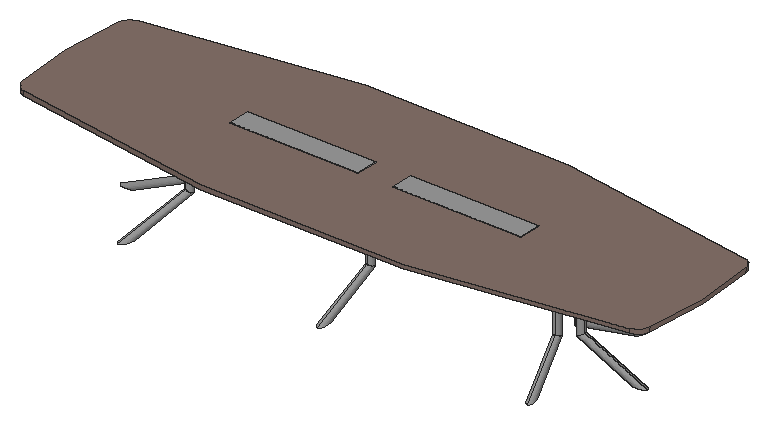
Revit family "Haworth_Encourage_Table", category Furniture, Revit 2018
Family settings
  OmniClass Number = 23.40.70.14.64.21
  OmniClass Title = Systems Furniture
  Work Plane-Based = No
  Always vertical = Yes
  Cut with Voids When Loaded = No
  Shared = No
  Room Calculation Point = No
Parameters (values of type "TNBO - 60d 180w - With Power")
  Warranty = "http://www.haworth.com/resources/product-info/warranties"
  URL - Product = "https://www.haworth.com/na/en/products/collaborative-conference/encourage.html"
  Trough Width = if([60d 180w], 36", if([60d 168w], 30", if([57d 156w], 24", if([54d 144w], 42", if([54d 132w], 36", if([51d 120w], 30", if([48d 108w], 24", 18")))))))  # 36"
  Trim Finish [instance] = Haworth _ Paint _ Polar
  Top Thickness = 1 27/256"  # constant formula
  Table Finish [instance] = Haworth _ Wood _ Walnut
  Power Trough Single = and(Power Trough, or([54d 144w], [54d 132w], [51d 120w], [48d 108w], [48d 96w]))  # no
  Power Trough Double = and(Power Trough, or([60d 180w], [60d 168w], [57d 156w]))  # yes
  Power Trough = yes
  Modesty Indent = Support Spacing From Edge + 3 1/4"  # 39 1/4"
  Model = "TNBO"  # constant formula
  Leg Finish = Haworth _ Metal _ Stainless Steel
  Double Trough Spacing = if([60d 180w], 23", if([60d 168w], 20", 17"))  # 23"
  Description = "Haworth Encourage Table"  # constant formula
  URL = "http://www.haworth.com/our-brands/haworth-collection"
  Support Spacing From Edge = if([60d 180w], 36", if([60d 168w], 36", if([57d 156w], 36", if([54d 144w], 34 1/2", if([54d 132w], 34", if([51d 120w], 33", if([48d 108w], 26 153/256", 26 1/2")))))))  # 36"
  Size = "Verify Final Dim. w/ Haworth"  # constant formula
  Revision Number = "4"  # constant formula
  Min/Max Width = "96 in. / 180 in."  # constant formula
  Min/Max Depth = "48 in. / 60 in."  # constant formula
  Manufacturer = "Haworth"  # constant formula
  Center Legs = or([60d 180w], [60d 168w], [57d 156w])  # yes
  Author = "Haworth (Hampton)"  # constant formula
  Assembly Code = "E2020200"
  Actual Width = if([60d 180w], 180", if([60d 168w], 168", if([57d 156w], 156", if([54d 144w], 144", if([54d 132w], 132", if([51d 120w], 120", if([48d 108w], 108", 96")))))))  # 180"
  Actual Height = 28 69/256"  # constant formula
  Actual Depth = if([60d 180w], 60", if([60d 168w], 60", if([57d 156w], 57", if([54d 144w], 54", if([54d 132w], 54", if([51d 120w], 51", if([48d 108w], 48", 48")))))))  # 60"
  48d 96w = not(or([60d 180w], [60d 168w], [57d 156w], [54d 144w], [54d 132w], [51d 120w], [48d 108w]))  # no
  60d 180w = yes
  60d 168w = no
  57d 156w = no
  54d 144w = no
  54d 132w = no
  51d 120w = no
  48d 108w = no
Reference planes (in)
  plane 1 "Center F/B": y = 0
  plane 2: z = 0
  plane 3 "Center L/R": x = 0
  plane 4 "Table Edge Left": x = -90
  plane 5 "Table Edge Right": x = 90
  plane 6 "Table Edge Front": y = 30
  plane 7 "Table Edge Back": y = -30
  plane 8 "Table Leg Left": x = -54
  plane 9 "Table Leg Right": x = 54
  plane 10 "Trough Location Left": x = -23
  plane 11 "Trough Location Right": x = 23
  plane 12 "Top Bottom": z = 27.16406
  plane 13 "Top Top": z = 28.26953
  plane 14 "Modesty Bottom": z = 16.41748
  plane 15 "Modesty Left": x = -50.75
  plane 16 "Modesty Right": x = 50.75
  plane 17 "Modesty 1": y = -3.74444
  plane 18 "Modesty 2": y = -3.49444
  plane 19 "Modesty 4": y = 3.74444
  plane 20 "Modesty 3": y = 3.49444
Forms (in)
  Extrusion 1, solid, material "Haworth _ Paint _ Polar" <- "Trim Finish"
    sketch origin (0, 0, 16.41748) x (-1, 0, 0) y (0, -1, 0)
      loop
        line (50.75, 3.49444) -> (50.75, 3.74444) -> (-50.75, 3.74444) -> (-50.75, 3.49444) -> (50.75, 3.49444)
      loop
        line (50.75, -3.74444) -> (50.75, -3.49444) -> (-50.75, -3.49444) -> (-50.75, -3.74444) -> (50.75, -3.74444)
    from 0 to 10.74803
  Extrusion 2, solid, material "Haworth _ Wood _ Walnut" <- "Table Finish", visible <- "48d 96w"
    sketch origin (0, 0, 27.16406) x (-1, 0, 0) y (0, -1, 0)
      loop
        arc (86.5519, -22.45862) -> (88.45722, -18.10109) -> (89.15665, -13.39693) r 18.02666
        arc (89.15665, -13.39693) -> (89.64668, -0.00126) -> (89.15703, 13.39443) r 183.41193
        arc (89.15703, 13.39443) -> (88.42757, 17.98) -> (86.55227, 22.22768) r 18.04712
        arc (86.55227, 22.22768) -> (-0.00085, 46.16708) -> (-86.55281, 22.22346) r 168.42166
        arc (-86.55281, 22.22346) -> (-90.09489, 18.81489) -> (-89.15736, 13.98937) r 5.14321
        arc (-89.15736, 13.98937) -> (-89.96563, -0.00032) -> (-89.15699, -13.98998) r 121.4443
        arc (-89.15699, -13.98998) -> (-90.1916, -18.94127) -> (-86.55244, -22.45441) r 5.2322
        arc (-86.55244, -22.45441) -> (-0.00085, -46.38132) -> (86.5519, -22.45862) r 168.52116
    from 0 to 1.10547 <- "Top Thickness"
  Extrusion 3, solid, material "Haworth _ Wood _ Walnut" <- "Table Finish", visible <- "48d 108w"
    sketch origin (0, 0, 27.16406) x (-1, 0, 0) y (0, -1, 0)
      loop
        arc (86.39541, -20.79651) -> (90.39177, -17.08428) -> (89.15728, -11.77131) r 5.43876
        arc (89.15728, -11.77131) -> (89.54173, 2.65255) -> (88.71109, 17.05761) r 171.32243
        arc (88.71109, 17.05761) -> (88.24561, 19.40769) -> (86.39576, 20.93006) r 3.55846
        arc (86.39576, 20.93006) -> (-0.00059, 40.32468) -> (-86.39621, 20.92677) r 202.11316
        arc (-86.39621, 20.92677) -> (-89.19759, 18.50792) -> (-89.15794, 14.80697) r 4.3949
        arc (-89.15794, 14.80697) -> (-90.08595, -0.00018) -> (-89.15758, -14.80731) r 118.5708
        arc (-89.15758, -14.80731) -> (-89.14634, -18.43217) -> (-86.39585, -20.79323) r 4.35563
        arc (-86.39585, -20.79323) -> (-0.00059, -40.20202) -> (86.39541, -20.79651) r 202.00909
    from 0 to 1.10547
  Extrusion 4, solid, material "Haworth _ Wood _ Walnut" <- "Table Finish", visible <- "51d 120w"
    sketch origin (0, 0, 27.16406) x (-1, 0, 0) y (0, -1, 0)
      loop
        arc (88.92825, 12.40657) -> (87.9193, 14.7673) -> (86.2245, 16.69568) r 8.12949
        arc (86.2245, 16.69568) -> (0, 30.39442) -> (-86.2245, 16.69568) r 278.2125
        arc (-86.2245, 16.69568) -> (-88.94732, 14.41137) -> (-89.0256, 10.85811) r 4.30645
        arc (-89.0256, 10.85811) -> (-89.52052, 0) -> (-89.0256, -10.85811) r 119.35442
        arc (-89.0256, -10.85811) -> (-89.40641, -15.07605) -> (-86.2245, -17.87095) r 4.67522
        arc (-86.2245, -17.87095) -> (0, -32.52084) -> (86.2245, -17.87095) r 261.06973
        arc (86.2245, -17.87095) -> (89.30185, -15.19047) -> (89.0256, -11.11877) r 4.58726
        arc (89.0256, -11.11877) -> (89.42087, 0.64574) -> (88.92825, 12.40657) r 156.05122
    from 0 to 1.10547
  Extrusion 5, solid, material "Haworth _ Wood _ Walnut" <- "Table Finish", visible <- "54d 132w"
    sketch origin (0, 0, 27.16406) x (-1, 0, 0) y (0, -1, 0)
      loop
        arc (86.04693, -22.14113) -> (88.39443, -18.66352) -> (88.88069, -14.49602) r 8.86886
        arc (88.88069, -14.49602) -> (89.59039, 2.16197) -> (88.38514, 18.79145) r 145.15382
        arc (88.38514, 18.79145) -> (87.51845, 20.29697) -> (86.04735, 21.22088) r 3.59769
        arc (86.04735, 21.22088) -> (-0.00044, 36.43583) -> (-86.04777, 21.21835) r 250.90721
        arc (-86.04777, 21.21835) -> (-88.65377, 19.10598) -> (-88.88144, 15.75911) r 4.19959
        arc (-88.88144, 15.75911) -> (-89.73852, -0.00068) -> (-88.88101, -15.76045) r 145.28587
        arc (-88.88101, -15.76045) -> (-89.00184, -19.63267) -> (-86.04735, -22.1386) r 4.46002
        arc (-86.04735, -22.1386) -> (-0.00043, -37.31916) -> (86.04693, -22.14113) r 251.47806
    from 0 to 1.10547
  Extrusion 6, solid, material "Haworth _ Wood _ Walnut" <- "Table Finish", visible <- "54d 144w"
    sketch origin (0, 0, 27.16406) x (-1, 0, 0) y (0, -1, 0)
      loop
        arc (85.94921, -24.20522) -> (87.90318, -23.00906) -> (88.88021, -20.93681) r 3.99991
        arc (88.88021, -20.93681) -> (90.4548, -0.00013) -> (88.88064, 20.93658) r 139.99988
        arc (88.88064, 20.93658) -> (87.90363, 23.00888) -> (85.94963, 24.20508) r 3.99991
        arc (85.94963, 24.20508) -> (-0.00026, 35.39209) -> (-85.94992, 24.20328) r 335.74337
        arc (-85.94992, 24.20328) -> (-87.90393, 23.00703) -> (-88.88092, 20.93468) r 4
        arc (-88.88092, 20.93468) -> (-90.45479, -0.00013) -> (-88.88049, -20.9349) r 139.99988
        arc (-88.88049, -20.9349) -> (-87.90348, -23.0072) -> (-85.9495, -24.20342) r 3.99999
        arc (-85.9495, -24.20342) -> (-0.00026, -35.39212) -> (85.94921, -24.20522) r 335.74338
    from 0 to 1.10547
  Extrusion 7, solid, material "Haworth _ Wood _ Walnut" <- "Table Finish", visible <- "57d 156w"
    sketch origin (0, 0, 27.16406) x (-1, 0, 0) y (0, -1, 0)
      loop
        arc (88.85819, -16.53645) -> (90.03721, -0.43488) -> (88.97881, 15.67507) r 116.49521
        arc (88.97881, 15.67507) -> (88.05539, 18.22015) -> (85.77242, 19.67555) r 4.20702
        arc (85.77242, 19.67555) -> (-0.04782, 31.32848) -> (-85.86436, 19.64828) r 321.47021
        arc (-85.86436, 19.64828) -> (-87.6549, 18.8321) -> (-88.97881, 17.37626) r 4.89051
        arc (-88.97881, 17.37626) -> (-90.27841, -0.39492) -> (-88.85819, -18.15687) r 116.73626
        arc (-88.85819, -18.15687) -> (-87.64181, -19.88955) -> (-85.73636, -20.81207) r 4.21394
        arc (-85.73636, -20.81207) -> (0.05719, -35.77193) -> (85.84435, -20.77552) r 253.17997
        arc (85.84435, -20.77552) -> (88.1434, -19.21916) -> (88.85819, -16.53645) r 3.96526
    from 0 to 1.10547
  Extrusion 8, solid, material "Haworth _ Wood _ Walnut" <- "Table Finish", visible <- "60d 180w"
    sketch origin (0, 0, 27.16406) x (-1, 0, 0) y (0, -1, 0)
      loop
        arc (85.50409, -20.18796) -> (87.5056, -19.03886) -> (88.53914, -16.97529) r 4
        arc (88.53914, -16.97529) -> (90, -0.00013) -> (88.53964, 16.97507) r 99.37288
        arc (88.53964, 16.97507) -> (87.50612, 19.0387) -> (85.50457, 20.18784) r 4
        arc (85.50457, 20.18784) -> (-0.00026, 30) -> (-85.50491, 20.18625) r 377.42748
        arc (-85.50491, 20.18625) -> (-87.50644, 19.03708) -> (-88.53992, 16.97343) r 4
        arc (-88.53992, 16.97343) -> (-90, -0.00013) -> (-88.53943, -16.97365) r 99.37288
        arc (-88.53943, -16.97365) -> (-87.50593, -19.03723) -> (-85.50443, -20.18636) r 4
        arc (-85.50443, -20.18636) -> (-0.00026, -30) -> (85.50409, -20.18796) r 377.42748
    from 0 to 1.10547
  Extrusion 9, solid, material "Haworth _ Wood _ Walnut" <- "Table Finish", visible <- "60d 168w"
    sketch origin (0, 0, 27.16406) x (-1, 0, 0) y (0, -1, 0)
      loop
        arc (85.56629, -20.1414) -> (87.84034, -18.57102) -> (88.53421, -15.89596) r 3.96126
        arc (88.53421, -15.89596) -> (90.71738, -0.00039) -> (88.53371, 15.89512) r 58.95241
        arc (88.53371, 15.89512) -> (87.69385, 18.29222) -> (85.5658, 19.6789) r 3.94059
        arc (85.5658, 19.6789) -> (0, 31.13488) -> (-85.5658, 19.6789) r 325.2777
        arc (-85.5658, 19.6789) -> (-87.27556, 18.91277) -> (-88.53371, 17.5245) r 4.56602
        arc (-88.53371, 17.5245) -> (-91.13316, -0.00045) -> (-88.53421, -17.52548) r 60.38036
        arc (-88.53421, -17.52548) -> (-89.93078, -22.10157) -> (-85.56629, -20.1414) r 2.6273
        arc (-85.56629, -20.1414) -> (0, -31.47306) -> (85.56629, -20.1414) r 328.72504
    from 0 to 1.10547
Lines and regions (in)
  Masking region 1, visible <- "60d 180w"
    outline origin (0, 0, 0) x (1, 0, 0) y (0, 1, 0)
      loop
        arc (85.50443, 20.18636) -> (0.00026, 30) -> (-85.50409, 20.18796) r 377.42748
        arc (-85.50409, 20.18796) -> (-87.5056, 19.03886) -> (-88.53914, 16.97529) r 4
        arc (-88.53914, 16.97529) -> (-90, 0.00013) -> (-88.53964, -16.97507) r 99.37288
        arc (-88.53964, -16.97507) -> (-87.50612, -19.0387) -> (-85.50457, -20.18784) r 4
        arc (-85.50457, -20.18784) -> (0.00026, -30) -> (85.50491, -20.18625) r 377.42748
        arc (85.50491, -20.18625) -> (87.50644, -19.03708) -> (88.53992, -16.97343) r 4
        arc (88.53992, -16.97343) -> (90, 0.00013) -> (88.53943, 16.97365) r 99.37288
        arc (88.53943, 16.97365) -> (87.50593, 19.03723) -> (85.50443, 20.18636) r 4
  Masking region 2, visible <- "57d 156w"
    outline origin (0, 100, 0) x (1, 0, 0) y (0, 1, 0)
      loop
        arc (85.56979, -81.35496) -> (0.00066, -69.16017) -> (-85.56878, -81.35278) r 306.33805
        arc (-85.56878, -81.35278) -> (-87.36308, -82.26335) -> (-88.53791, -83.89689) r 4.2525
        arc (-88.53791, -83.89689) -> (-89.97761, -101.46443) -> (-88.54987, -119.03295) r 108.35124
        arc (-88.54987, -119.03295) -> (-87.52993, -121.06525) -> (-85.5699, -122.21796) r 4.01618
        arc (-85.5699, -122.21796) -> (0.0003, -132.73605) -> (85.57028, -122.21625) r 353.30949
        arc (85.57028, -122.21625) -> (87.50897, -121.0861) -> (88.53871, -119.09227) r 4.0162
        arc (88.53871, -119.09227) -> (89.97622, -101.49979) -> (88.53821, -83.90734) r 108.34985
        arc (88.53821, -83.90734) -> (87.36568, -82.26868) -> (85.56979, -81.35496) r 4.24653
  Masking region 3, visible <- "54d 144w"
    outline origin (0, 100, 0) x (1, 0, 0) y (0, 1, 0)
      loop
        arc (85.9495, -83.98846) -> (0.00038, -69.97606) -> (-85.94913, -83.98616) r 270.62536
        arc (-85.94913, -83.98616) -> (-88.32811, -85.72912) -> (-88.88021, -88.62613) r 4.025
        arc (-88.88021, -88.62613) -> (-88.96057, -93.33742) -> (-88.88064, -98.04871) r 138.50566
        arc (-88.88064, -98.04871) -> (-87.80904, -99.90042) -> (-85.94955, -100.95845) r 4.09276
        arc (-85.94955, -100.95845) -> (0.00038, -115.02891) -> (85.94992, -100.95614) r 269.52733
        arc (85.94992, -100.95614) -> (88.01384, -99.60924) -> (88.88092, -97.30227) r 3.95869
        arc (88.88092, -97.30227) -> (88.9556, -92.74812) -> (88.88049, -88.19398) r 138.50069
        arc (88.88049, -88.19398) -> (89.22613, -84.82897) -> (85.9495, -83.98846) r 2.59167
  Masking region 4, visible <- "48d 108w"
    outline origin (0, 0, 0) x (1, 0, 0) y (0, 1, 0)
      loop
        arc (-86.39541, 16.50419) -> (-88.33101, 15.15201) -> (-89.15728, 12.94017) r 3.97239
        arc (-89.15728, 12.94017) -> (-89.64653, 0.00113) -> (-89.15765, -12.93792) r 171.40671
        arc (-89.15765, -12.93792) -> (-88.34487, -15.15071) -> (-86.39576, -16.47664) r 3.85523
        arc (-86.39576, -16.47664) -> (0.00039, -29.8252) -> (86.39621, -16.47444) r 286.24252
        arc (86.39621, -16.47444) -> (88.33309, -15.12029) -> (89.15794, -12.90561) r 3.97213
        arc (89.15794, -12.90561) -> (89.83699, 0.00045) -> (89.15758, 12.9065) r 122.95404
        arc (89.15758, 12.9065) -> (88.34032, 15.13715) -> (86.39585, 16.50198) r 3.97068
        arc (86.39585, 16.50198) -> (0.00039, 29.88072) -> (-86.39541, 16.50419) r 285.66959
  Masking region 5, visible <- "48d 96w"
    outline origin (0, 0, 0) x (1, 0, 0) y (0, 1, 0)
      loop
        arc (86.55244, 16.14504) -> (0.00099, 42.48715) -> (-86.5519, 16.14975) r 155.37466
        arc (-86.5519, 16.14975) -> (-88.42823, 14.71546) -> (-89.15665, 12.46886) r 3.96644
        arc (-89.15665, 12.46886) -> (-89.50317, 0.00207) -> (-89.15703, -12.46474) r 224.5529
        arc (-89.15703, -12.46474) -> (-88.31363, -14.46124) -> (-86.55227, -15.72415) r 3.99748
        arc (-86.55227, -15.72415) -> (0.001, -42.25512) -> (86.55281, -15.71939) r 154.43509
        arc (86.55281, -15.71939) -> (88.70425, -13.91196) -> (89.15736, -11.13884) r 4.04133
        arc (89.15736, -11.13884) -> (89.84707, 0.00021) -> (89.15699, 11.13923) r 90.27022
        arc (89.15699, 11.13923) -> (88.13097, 13.78588) -> (86.55244, 16.14504) r 12.93665
  Masking region 6, visible <- "51d 120w"
    outline origin (0, 100, 0) x (1, 0, 0) y (0, 1, 0)
      loop
        arc (-86.2245, -121.67004) -> (0, -134.44466) -> (86.2245, -121.67004) r 297.381
        arc (86.2245, -121.67004) -> (88.10259, -120.44405) -> (89.0256, -118.39994) r 4
        arc (89.0256, -118.39994) -> (90.56298, -96.46899) -> (89.0256, -74.53803) r 157.19199
        arc (89.0256, -74.53803) -> (88.10259, -72.49393) -> (86.2245, -71.26793) r 4
        arc (86.2245, -71.26793) -> (0, -58.49331) -> (-86.2245, -71.26793) r 297.381
        arc (-86.2245, -71.26793) -> (-88.10259, -72.49393) -> (-89.0256, -74.53803) r 4
        arc (-89.0256, -74.53803) -> (-90.56298, -96.46899) -> (-89.0256, -118.39994) r 157.19199
        arc (-89.0256, -118.39994) -> (-88.10259, -120.44405) -> (-86.2245, -121.67004) r 4
  Masking region 7, visible <- "54d 132w"
    outline origin (0, 100, 0) x (1, 0, 0) y (0, 1, 0)
      loop
        arc (-86.04693, -84.52275) -> (-87.73498, -85.40787) -> (-88.88069, -86.93112) r 4.33805
        arc (-88.88069, -86.93112) -> (-88.96605, -91.89113) -> (-88.88113, -96.85114) r 144.5134
        arc (-88.88113, -96.85114) -> (-88.04588, -99.11951) -> (-86.04735, -100.4793) r 3.95862
        arc (-86.04735, -100.4793) -> (0.00048, -117.02298) -> (86.04777, -100.47653) r 232.03055
        arc (86.04777, -100.47653) -> (87.98974, -99.19523) -> (88.88144, -97.04632) r 3.97343
        arc (88.88144, -97.04632) -> (88.91697, -93.83282) -> (88.88101, -90.61933) r 144.46432
        arc (88.88101, -90.61933) -> (87.94892, -87.34703) -> (86.04735, -84.52555) r 10.82785
        arc (86.04735, -84.52555) -> (0.00048, -67.78645) -> (-86.04693, -84.52275) r 229.54948
  Masking region 8, visible <- "60d 168w"
    outline origin (0, 100, 27.16406) x (-1, 0, 0) y (0, -1, 0)
      loop
        arc (-85.56629, 79.81864) -> (0, 69.25818) -> (85.56629, 79.81864) r 351.93108
        arc (85.56629, 79.81864) -> (87.52329, 80.97504) -> (88.53421, 83.011) r 4
        arc (88.53421, 83.011) -> (90.14128, 101.57064) -> (88.53371, 120.13024) r 107.95737
        arc (88.53371, 120.13024) -> (87.52277, 122.16614) -> (85.5658, 123.3225) r 4
        arc (85.5658, 123.3225) -> (0, 133.88284) -> (-85.5658, 123.3225) r 351.93108
        arc (-85.5658, 123.3225) -> (-87.52277, 122.16614) -> (-88.53371, 120.13024) r 4
        arc (-88.53371, 120.13024) -> (-90.14128, 101.57064) -> (-88.53421, 83.011) r 107.95737
        arc (-88.53421, 83.011) -> (-87.52329, 80.97504) -> (-85.56629, 79.81864) r 4
Dimensions and locks (in)
  "Support Spacing From Edge": plane 4 "Table Edge Left" to plane 8 "Table Leg Left"
  "Support Spacing From Edge": plane 9 "Table Leg Right" to plane 5 "Table Edge Right"
  "Actual Width": plane 4 "Table Edge Left" to plane 5 "Table Edge Right"
  equal spacing: plane 4 "Table Edge Left", plane 3 "Center L/R", plane 5 "Table Edge Right"
  "Actual Depth": plane 6 "Table Edge Front" to plane 7 "Table Edge Back"
  equal spacing: plane 6 "Table Edge Front", plane 1 "Center F/B", plane 7 "Table Edge Back"
  "Double Trough Spacing": plane 10 "Trough Location Left" to plane 3 "Center L/R"
  "Double Trough Spacing": plane 3 "Center L/R" to plane 11 "Trough Location Right"
  "Actual Height": plane 13 "Top Top" to plane 2
  "Modesty Indent": plane 4 "Table Edge Left" to plane 15 "Modesty Left"
  "Modesty Indent": plane 16 "Modesty Right" to plane 5 "Table Edge Right"
  "Top Thickness": plane 13 "Top Top" to plane 12 "Top Bottom"
  aligned and locked: plane 3 "Center L/R" to nested 3
  aligned and locked: plane 1 "Center F/B" to nested 3
  aligned and locked: plane 3 "Center L/R" to nested 2
  aligned and locked: plane 1 "Center F/B" to nested 2
  aligned and locked: nested 4 to plane 10 "Trough Location Left"
  aligned and locked: plane 1 "Center F/B" to nested 4
  aligned and locked: plane 11 "Trough Location Right" to nested 5
  aligned and locked: plane 1 "Center F/B" to nested 5
  aligned and locked: plane 1 "Center F/B" to nested 1
  aligned and locked: plane 8 "Table Leg Left" to nested 1
  aligned and locked: nested 6 to plane 1 "Center F/B"
  aligned and locked: nested 6 to plane 9 "Table Leg Right"
  aligned and locked: Extrusion 1 sketch curve to plane 18 "Modesty 2"
  aligned and locked: plane 15 "Modesty Left" to Extrusion 1 sketch curve  (x2)
  aligned and locked: plane 17 "Modesty 1" to Extrusion 1 sketch curve
  aligned and locked: plane 16 "Modesty Right" to Extrusion 1 sketch curve  (x2)
  aligned and locked: plane 19 "Modesty 4" to Extrusion 1 sketch curve
  aligned and locked: Extrusion 1 sketch curve to plane 20 "Modesty 3"
  aligned and locked: nested 1 to Extrusion 1
  aligned and locked: Extrusion 1 to nested 2
Automatic sketch dimensions
  plane 1 "Center F/B" to Extrusion 2 sketch curve = 0.00131"  (x2)
  plane 5 "Table Edge Right" to Extrusion 2 sketch curve = 3.76526"
  Extrusion 2 sketch curve to plane 5 "Table Edge Right" = 0.84264"
  Extrusion 2 sketch curve to Extrusion 2 sketch curve = 0"  (x8)
  Extrusion 2 sketch curve to plane 5 "Table Edge Right" = 0.84301"
  Extrusion 2 sketch curve to plane 5 "Table Edge Right" = 3.44719"
  Extrusion 2 sketch curve to plane 5 "Table Edge Right" = 3.44756"
  Extrusion 2 sketch curve to Extrusion 2 sketch curve = 1.36166"
  Extrusion 2 sketch curve to Extrusion 2 sketch curve = 1.36165"
  Extrusion 2 sketch curve to plane 3 "Center L/R" = 0.00325"  (x2)
  Extrusion 2 sketch curve to plane 4 "Table Edge Left" = 3.4481"
  Extrusion 2 sketch curve to plane 4 "Table Edge Left" = 3.44773"
  Extrusion 2 sketch curve to plane 4 "Table Edge Left" = 0.84335"
  Extrusion 2 sketch curve to plane 4 "Table Edge Left" = 0.84297"
  Extrusion 2 sketch curve to Extrusion 2 sketch curve = 0.51889"
  Extrusion 3 sketch curve to plane 5 "Table Edge Right" = 0.84206"
  Extrusion 3 sketch curve to Extrusion 3 sketch curve = 0"  (x8)
  Extrusion 3 sketch curve to plane 5 "Table Edge Right" = 0.84242"
  Extrusion 3 sketch curve to plane 5 "Table Edge Right" = 3.60379"
  Extrusion 3 sketch curve to plane 5 "Table Edge Right" = 3.60415"
  Extrusion 3 sketch curve to Extrusion 3 sketch curve = 1.20451"
  Extrusion 3 sketch curve to Extrusion 3 sketch curve = 3.96622"
  plane 1 "Center F/B" to Extrusion 3 sketch curve = 0.00129"  (x2)
  Extrusion 3 sketch curve to plane 5 "Table Edge Right" = 8.23982"
  Extrusion 3 sketch curve to plane 3 "Center L/R" = 0.00325"  (x2)
  Extrusion 3 sketch curve to plane 4 "Table Edge Left" = 4.80893"
  Extrusion 3 sketch curve to plane 4 "Table Edge Left" = 4 207/256"
  Extrusion 3 sketch curve to plane 4 "Table Edge Left" = 3.60459"
  Extrusion 3 sketch curve to plane 4 "Table Edge Left" = 3.60424"
  Extrusion 3 sketch curve to plane 4 "Table Edge Left" = 0.84272"
  plane 1 "Center F/B" to Extrusion 4 sketch curve = 0"  (x2)
  Extrusion 4 sketch curve to plane 3 "Center L/R" = 0"  (x2)
  plane 9 "Table Leg Right" to Extrusion 4 sketch curve = 12.62901"
  Extrusion 4 sketch curve to plane 5 "Table Edge Right" = 4.93528"  (x2)
  Extrusion 4 sketch curve to plane 5 "Table Edge Right" = 3.7755"  (x2)
  Extrusion 4 sketch curve to Extrusion 4 sketch curve = 0"  (x8)
  Extrusion 4 sketch curve to plane 5 "Table Edge Right" = 0.9744"  (x2)
  Extrusion 4 sketch curve to plane 4 "Table Edge Left" = 4.93528"
  Extrusion 4 sketch curve to plane 4 "Table Edge Left" = 3.7755"  (x2)
  Extrusion 4 sketch curve to plane 4 "Table Edge Left" = 0.9744"
  Extrusion 4 sketch curve to plane 19 "Modesty 4" = 9.59744"
  Extrusion 5 sketch curve to plane 5 "Table Edge Right" = 1.11856"
  Extrusion 5 sketch curve to Extrusion 5 sketch curve = 0"  (x8)
  Extrusion 5 sketch curve to plane 5 "Table Edge Right" = 1.11899"
  Extrusion 5 sketch curve to plane 5 "Table Edge Right" = 3.95223"
  Extrusion 5 sketch curve to plane 5 "Table Edge Right" = 3.95265"
  Extrusion 5 sketch curve to Extrusion 5 sketch curve = 3.95505"
  Extrusion 5 sketch curve to Extrusion 5 sketch curve = 1.12138"
  plane 1 "Center F/B" to Extrusion 5 sketch curve = 0.00131"  (x2)
  plane 9 "Table Leg Right" to Extrusion 5 sketch curve = 1.54735"
  Extrusion 5 sketch curve to plane 3 "Center L/R" = 0.00325"  (x2)
  Extrusion 5 sketch curve to plane 8 "Table Leg Left" = 1.54735"
  Extrusion 5 sketch curve to plane 4 "Table Edge Left" = 5.07392"
  Extrusion 5 sketch curve to plane 4 "Table Edge Left" = 3.95307"
  Extrusion 5 sketch curve to plane 4 "Table Edge Left" = 3.95265"
  Extrusion 5 sketch curve to plane 4 "Table Edge Left" = 1.11931"
  Extrusion 6 sketch curve to plane 5 "Table Edge Right" = 1.11908"
  Extrusion 6 sketch curve to Extrusion 6 sketch curve = 0"  (x8)
  Extrusion 6 sketch curve to plane 5 "Table Edge Right" = 1.11951"
  Extrusion 6 sketch curve to plane 5 "Table Edge Right" = 4.05008"
  Extrusion 6 sketch curve to plane 5 "Table Edge Right" = 4.0505"
  Extrusion 6 sketch curve to Extrusion 6 sketch curve = 3.95503"
  Extrusion 6 sketch curve to Extrusion 6 sketch curve = 3.95501"
  plane 1 "Center F/B" to Extrusion 6 sketch curve = 0.00131"  (x2)
  plane 16 "Modesty Right" to Extrusion 6 sketch curve = 1.20491"
  Extrusion 6 sketch curve to plane 3 "Center L/R" = 0.00325"  (x2)
  plane 15 "Modesty Left" to Extrusion 6 sketch curve = 1.20491"
  Extrusion 6 sketch curve to Extrusion 6 sketch curve = 1.02392"
  Extrusion 6 sketch curve to Extrusion 6 sketch curve = 1.02393"
  Extrusion 6 sketch curve to plane 4 "Table Edge Left" = 1.11936"
  Extrusion 6 sketch curve to Extrusion 6 sketch curve = 0.5981"
  Extrusion 8 sketch curve to plane 5 "Table Edge Right" = 1.46008"
  Extrusion 8 sketch curve to Extrusion 8 sketch curve = 0"  (x8)
  Extrusion 8 sketch curve to plane 5 "Table Edge Right" = 1.46057"
  Extrusion 8 sketch curve to Extrusion 8 sketch curve = 3.03501"
  Extrusion 8 sketch curve to Extrusion 8 sketch curve = 3.03499"
  Extrusion 8 sketch curve to Extrusion 8 sketch curve = 0.90622"  (x2)
  plane 1 "Center F/B" to Extrusion 8 sketch curve = 0.00131"  (x2)
  plane 3 "Center L/R" to Extrusion 8 sketch curve = 9.37288"
  Extrusion 8 sketch curve to plane 3 "Center L/R" = 0.00325"  (x2)
  Extrusion 8 sketch curve to plane 4 "Table Edge Left" = 5.40205"
  Extrusion 8 sketch curve to plane 4 "Table Edge Left" = 5.40158"
  Extrusion 8 sketch curve to Extrusion 8 sketch curve = 0.90614"
  Extrusion 8 sketch curve to Extrusion 8 sketch curve = 0.90615"
  Extrusion 8 sketch curve to plane 4 "Table Edge Left" = 1.46086"
  Masking region 1 sketch curve to plane 4 "Table Edge Left" = 1.46086"
  Masking region 1 sketch curve to Masking region 1 sketch curve = 3.03505"
  Masking region 1 sketch curve to Masking region 1 sketch curve = 0"  (x7)
  Masking region 1 sketch curve to Masking region 1 sketch curve = 3.9412"
  Masking region 1 sketch curve to plane 3 "Center L/R" = 0.00325"  (x2)
  Masking region 1 sketch curve to plane 5 "Table Edge Right" = 4.49557"
  Masking region 1 sketch curve to plane 7 "Table Edge Back" = 317.42748"
  Masking region 1 sketch curve to plane 19 "Modesty 4" = 12.54751"
  Masking region 1 sketch curve to plane 4 "Table Edge Left" = 1.46036"
  plane 1 "Center F/B" to Masking region 1 sketch curve = 0.00131"  (x2)
  Masking region 1 sketch curve to Masking region 1 sketch curve = 3.03507"
  Masking region 1 sketch curve to Masking region 1 sketch curve = 3.94122"
  Masking region 1 sketch curve to plane 5 "Table Edge Right" = 4.49509"
  Masking region 1 sketch curve to Masking region 1 sketch curve = 0.90622"
  Masking region 1 sketch curve to plane 5 "Table Edge Right" = 1.46008"
  Masking region 1 sketch curve to plane 5 "Table Edge Right" = 1.46057"
  Extrusion 7 sketch curve to plane 5 "Table Edge Right" = 1.02119"
  Extrusion 7 sketch curve to plane 5 "Table Edge Right" = 1.14181"
  Extrusion 7 sketch curve to Extrusion 7 sketch curve = 0"  (x3)
  Extrusion 7 sketch curve to plane 5 "Table Edge Right" = 4.13564"
  Extrusion 7 sketch curve to plane 5 "Table Edge Right" = 4.26364"
  Extrusion 7 sketch curve to Extrusion 7 sketch curve = 0.82469"
  Extrusion 7 sketch curve to Extrusion 7 sketch curve = 1.0917"
  plane 1 "Center F/B" to Extrusion 7 sketch curve = 0.00133"  (x2)
  plane 11 "Trough Location Right" to Extrusion 7 sketch curve = 3.45718"
  Extrusion 7 sketch curve to plane 3 "Center L/R" = 0.00325"  (x2)
  plane 10 "Trough Location Left" to Extrusion 7 sketch curve = 3.45718"
  Extrusion 7 sketch curve to plane 4 "Table Edge Left" = 5.22733"
  Extrusion 7 sketch curve to plane 4 "Table Edge Left" = 5.08833"
  Extrusion 7 sketch curve to Extrusion 7 sketch curve = 0.99975"
  Extrusion 7 sketch curve to Extrusion 7 sketch curve = 0.93268"
  Extrusion 7 sketch curve to plane 4 "Table Edge Left" = 1.14181"
  Extrusion 7 sketch curve to plane 4 "Table Edge Left" = 1.02119"
  Extrusion 7 sketch curve to plane 6 "Table Edge Front" = 13.07849"
  plane 6 "Table Edge Front" to Extrusion 7 sketch curve = 260.14173"
  Extrusion 7 sketch curve to Extrusion 7 sketch curve = 0.08602"
  Masking region 2 sketch curve to plane 4 "Table Edge Left" = 1.45013"
  Masking region 2 sketch curve to plane 4 "Table Edge Left" = 1.46209"
  Masking region 2 sketch curve to Masking region 2 sketch curve = 2.96912"
  Masking region 2 sketch curve to Masking region 2 sketch curve = 0"  (x4)
  Masking region 2 sketch curve to Masking region 2 sketch curve = 3.94178"
  Masking region 2 sketch curve to plane 3 "Center L/R" = 0.00325"  (x2)
  Masking region 2 sketch curve to plane 11 "Trough Location Right" = 4.62637"
  Masking region 2 sketch curve to plane 5 "Table Edge Right" = 4.43021"
  Masking region 2 sketch curve to plane 7 "Table Edge Back" = 245.49822"
  plane 7 "Table Edge Back" to Masking region 2 sketch curve = 10.96705"
  Masking region 2 sketch curve to Masking region 2 sketch curve = 17.53164"
  Masking region 2 sketch curve to Masking region 2 sketch curve = 2.97997"
  Masking region 2 sketch curve to Masking region 2 sketch curve = 3.95263"
  Masking region 2 sketch curve to Masking region 2 sketch curve = 3.18501"
  Masking region 2 sketch curve to plane 5 "Table Edge Right" = 4.42972"
  Masking region 2 sketch curve to Masking region 2 sketch curve = 0.97275"
  Masking region 2 sketch curve to plane 5 "Table Edge Right" = 1.46129"
  Masking region 2 sketch curve to plane 10 "Trough Location Left" = 4.62637"
  Masking region 2 sketch curve to plane 5 "Table Edge Right" = 1.46179"
  Masking region 2 sketch curve to Masking region 2 sketch curve = 0.97274"
  Masking region 3 sketch curve to plane 4 "Table Edge Left" = 1.11979"
  Masking region 3 sketch curve to plane 4 "Table Edge Left" = 4.05087"
  Masking region 3 sketch curve to Masking region 3 sketch curve = 0"  (x7)
  Masking region 3 sketch curve to Masking region 3 sketch curve = 3.955"
  Masking region 3 sketch curve to plane 3 "Center L/R" = 0.00325"  (x2)
  Masking region 3 sketch curve to plane 5 "Table Edge Right" = 4.0505"
  Masking region 3 sketch curve to plane 7 "Table Edge Back" = 210.60142"
  plane 7 "Table Edge Back" to Masking region 3 sketch curve = 42.12125"
  Masking region 3 sketch curve to plane 4 "Table Edge Left" = 1.11936"
  plane 16 "Modesty Right" to Masking region 3 sketch curve = 1.20491"
  Masking region 3 sketch curve to plane 4 "Table Edge Left" = 4.05045"
  Masking region 3 sketch curve to Masking region 3 sketch curve = 1.02393"
  Masking region 3 sketch curve to plane 5 "Table Edge Right" = 4.05008"
  plane 15 "Modesty Left" to Masking region 3 sketch curve = 1.20491"
  Masking region 3 sketch curve to Masking region 3 sketch curve = 1.02403"
  Masking region 3 sketch curve to plane 5 "Table Edge Right" = 1.11951"
  Masking region 3 sketch curve to Masking region 3 sketch curve = 3.95503"
  Masking region 4 sketch curve to plane 4 "Table Edge Left" = 0.84235"
  Masking region 4 sketch curve to plane 4 "Table Edge Left" = 0.84272"
  Masking region 4 sketch curve to Masking region 4 sketch curve = 0"  (x7)
  Masking region 4 sketch curve to plane 4 "Table Edge Left" = 3.60459"
  Masking region 4 sketch curve to Masking region 4 sketch curve = 3.96621"
  plane 1 "Center F/B" to Masking region 4 sketch curve = 0.00129"  (x2)
  Masking region 4 sketch curve to plane 5 "Table Edge Right" = 8.23982"
  Masking region 4 sketch curve to plane 17 "Modesty 1" = 9.19348"
  Masking region 4 sketch curve to plane 3 "Center L/R" = 0.00325"  (x2)
  Masking region 4 sketch curve to plane 5 "Table Edge Right" = 3.60415"
  Masking region 4 sketch curve to Masking region 4 sketch curve = 1.2045"
  Masking region 4 sketch curve to plane 5 "Table Edge Right" = 0.84242"
  Masking region 4 sketch curve to plane 5 "Table Edge Right" = 0.84206"
  Masking region 4 sketch curve to Masking region 4 sketch curve = 3.96624"
  Masking region 4 sketch curve to plane 5 "Table Edge Right" = 3.60379"
  Masking region 4 sketch curve to plane 4 "Table Edge Left" = 3.60424"
  Masking region 5 sketch curve to plane 4 "Table Edge Left" = 0.84335"
  Masking region 5 sketch curve to plane 4 "Table Edge Left" = 3.4481"
  Masking region 5 sketch curve to Masking region 5 sketch curve = 0"  (x7)
  Masking region 5 sketch curve to Masking region 5 sketch curve = 1.36143"
  Masking region 5 sketch curve to plane 3 "Center L/R" = 0.00325"  (x2)
  Masking region 5 sketch curve to plane 5 "Table Edge Right" = 3.44756"
  Masking region 5 sketch curve to plane 7 "Table Edge Back" = 82.88751"
  Masking region 5 sketch curve to plane 19 "Modesty 4" = 8.67985"
  Masking region 5 sketch curve to plane 4 "Table Edge Left" = 0.84297"
  plane 1 "Center F/B" to Masking region 5 sketch curve = 0.00131"  (x2)
  Masking region 5 sketch curve to plane 4 "Table Edge Left" = 3.44773"
  Masking region 5 sketch curve to Masking region 5 sketch curve = 3.9662"
  Masking region 5 sketch curve to plane 5 "Table Edge Right" = 3.44719"
  Masking region 5 sketch curve to Masking region 5 sketch curve = 1.36166"
  Masking region 5 sketch curve to plane 5 "Table Edge Right" = 0.84264"
  Masking region 5 sketch curve to plane 5 "Table Edge Right" = 0.84301"
  Masking region 6 sketch curve to plane 3 "Center L/R" = 0"  (x2)
  Masking region 6 sketch curve to plane 4 "Table Edge Left" = 4.93528"
  Masking region 6 sketch curve to plane 4 "Table Edge Left" = 3.7755"  (x2)
  Masking region 6 sketch curve to Masking region 6 sketch curve = 0"  (x7)
  Masking region 6 sketch curve to plane 4 "Table Edge Left" = 0.9744"  (x2)
  Masking region 6 sketch curve to plane 5 "Table Edge Right" = 3.7755"  (x2)
  plane 7 "Table Edge Back" to Masking region 6 sketch curve = 8.32996"
  Masking region 6 sketch curve to Masking region 6 sketch curve = 3.2701"
  plane 9 "Table Leg Right" to Masking region 6 sketch curve = 12.62901"
  Masking region 6 sketch curve to Masking region 6 sketch curve = 3.96088"
  Masking region 6 sketch curve to Masking region 6 sketch curve = 1.15978"
  Masking region 6 sketch curve to plane 5 "Table Edge Right" = 0.9744"  (x2)
  Masking region 6 sketch curve to plane 8 "Table Leg Left" = 12.62901"
  Masking region 7 sketch curve to plane 4 "Table Edge Left" = 1.11931"
  Masking region 7 sketch curve to plane 4 "Table Edge Left" = 3.95307"
  Masking region 7 sketch curve to Masking region 7 sketch curve = 0"  (x7)
  Masking region 7 sketch curve to Masking region 7 sketch curve = 1.12126"
  Masking region 7 sketch curve to plane 3 "Center L/R" = 0.00325"  (x2)
  Masking region 7 sketch curve to plane 5 "Table Edge Right" = 3.95265"
  Masking region 7 sketch curve to plane 7 "Table Edge Back" = 167 43/128"
  plane 7 "Table Edge Back" to Masking region 7 sketch curve = 41.28661"
  Masking region 7 sketch curve to plane 4 "Table Edge Left" = 1.11887"
  plane 9 "Table Leg Right" to Masking region 7 sketch curve = 1.54735"
  Masking region 7 sketch curve to plane 4 "Table Edge Left" = 3.95265"
  Masking region 7 sketch curve to Masking region 7 sketch curve = 1.12127"
  Masking region 7 sketch curve to plane 5 "Table Edge Right" = 3.95223"
  Masking region 7 sketch curve to Masking region 7 sketch curve = 1.12139"
  Masking region 7 sketch curve to plane 5 "Table Edge Right" = 1.11856"
  Masking region 7 sketch curve to plane 8 "Table Leg Left" = 1.54735"
  Masking region 7 sketch curve to plane 5 "Table Edge Right" = 1.11899"
  Masking region 8 sketch curve to plane 3 "Center L/R" = 0"  (x2)
  Masking region 8 sketch curve to plane 5 "Table Edge Right" = 4.43371"
  Masking region 8 sketch curve to plane 4 "Table Edge Left" = 5 13/32"
  Masking region 8 sketch curve to Masking region 8 sketch curve = 0.97253"  (x2)
  Masking region 8 sketch curve to Masking region 8 sketch curve = 0"  (x7)
  Masking region 8 sketch curve to plane 4 "Table Edge Left" = 1.46579"
  plane 7 "Table Edge Back" to Masking region 8 sketch curve = 50.18136"
  Masking region 8 sketch curve to Masking region 8 sketch curve = 3.19236"
  Masking region 8 sketch curve to plane 11 "Trough Location Right" = 5.18391"
  Masking region 8 sketch curve to plane 4 "Table Edge Left" = 1.46629"
  Masking region 8 sketch curve to Masking region 8 sketch curve = 3.94044"  (x2)
  Masking region 8 sketch curve to plane 5 "Table Edge Right" = 4.4342"
  Masking region 8 sketch curve to plane 5 "Table Edge Right" = 1.46629"
  Masking region 8 sketch curve to plane 5 "Table Edge Right" = 1.46579"
  Masking region 8 sketch curve to plane 10 "Trough Location Left" = 5.18391"
  Extrusion 9 sketch curve to plane 3 "Center L/R" = 0"  (x2)
  Extrusion 9 sketch curve to plane 4 "Table Edge Left" = 5 13/32"
  Extrusion 9 sketch curve to plane 19 "Modesty 4" = 12.55695"
  Extrusion 9 sketch curve to plane 7 "Table Edge Back" = 267.25198"
  Extrusion 9 sketch curve to plane 5 "Table Edge Right" = 4.43371"
  Extrusion 9 sketch curve to Extrusion 9 sketch curve = 0.97253"  (x3)
  Extrusion 9 sketch curve to Extrusion 9 sketch curve = 0"  (x7)
  Extrusion 9 sketch curve to plane 4 "Table Edge Left" = 1.46579"
  Extrusion 9 sketch curve to plane 1 "Center F/B" = 0.00131"  (x2)
  Extrusion 9 sketch curve to plane 4 "Table Edge Left" = 1.46629"
  Extrusion 9 sketch curve to Extrusion 9 sketch curve = 3.94044"
  Extrusion 9 sketch curve to plane 5 "Table Edge Right" = 4.4342"
  Extrusion 9 sketch curve to plane 5 "Table Edge Right" = 1.46629"
  Extrusion 9 sketch curve to plane 5 "Table Edge Right" = 1.46579"
Nested families (in)
  nested 1: "Haworth_Encourage-Table-Leg-Three_Part" at (-54, 0, 0), type "Three Leg"
  nested 2: "Haworth_Encourage-Table-Leg-Two_Part" at (0, 0, 0), visible <- "Center Legs", type "Two Leg"
  nested 3: "Haworth_Encourage-Table-Trough_Part" at (-0.57037, -0.05249, 0), visible <- "Power Trough Single", type "Trough"
    with Actual Width 36", Actual Height 28 69/256"
  nested 4: "Haworth_Encourage-Table-Trough_Part" at (-23.57037, -0.05249, 0), visible <- "Power Trough Double", type "Trough"
    with Actual Width 36", Actual Height 28 69/256"
  nested 5: "Haworth_Encourage-Table-Trough_Part" at (22.42963, -0.05249, 0), visible <- "Power Trough Double", type "Trough"
    with Actual Width 36", Actual Height 28 69/256"
  nested 6: "Haworth_Encourage-Table-Leg-Three_Part" at (54, 0, 0) x (-1, 0, 0) z (0, 0, 1), type "Three Leg"
Definition of nested family "Haworth_Encourage-Table-Leg-Three_Part"
  Parameters
    URL = "http://haworthcollection.com/"
    Type Comments = ""
    Size = "Verify Final Dim. w/ Haworth"  # constant formula
    Revision Number = "1"  # constant formula
    Modesty Finish = none
    Leg Finish = none
    Model = "Haworth_Encourage-Table-Leg-Three_Part"  # constant formula
    Manufacturer = "Haworth"  # constant formula
    Description = "Haworth_Encourage-Table-Leg-Three_Part"
    Author = "Haworth (Hampton)"  # constant formula
    Assembly Code = "E2020200"
  Reference planes (in)
    plane 1 "Center F/B": y = 0
    plane 2: z = 0
    plane 3 "Center L/R": x = 0
    plane 4 "Top": z = 27.16406
    plane 5: through (-3.90138, 21.61056, 48) normal (0.9472, 0.3205, 0)
    plane 6 "Top Leg Angle": through (-3.90138, 21.61056, 48) normal (0.9472, 0.3205, 0)
    plane 7 "Bottom Leg Angle": through (-3.90138, -21.61056, 48) normal (-0.9472, 0.3205, 0)
    plane 8 "Side Leg Center": x = -1.68192
    plane 9 "Bottom Leg Center": through (3.02538, -4.21215, 48) normal (-0.3205, -0.9472, 0)
    plane 10 "Top Leg Center": through (3.02538, 4.21215, 48) normal (0.3205, -0.9472, 0)
    plane 11 "Modesty End Bottom": z = 16.41748
    plane 12 "Modesty End Top": z = 24.26984
  Forms (in)
    Extrusion 1, solid, material <- "Modesty Finish"
      sketch origin (0, 0, 16.41748) x (-1, 0, 0) y (0, -1, 0)
        loop
          line (1.03478, -0.98963) -> (0.85487, -0.93683)
          arc (0.85487, -0.93683) -> (0.06168, -2.30083) -> (-1.27382, -3.14114) r 3.30243
          line (-1.27382, -3.14114) -> (-1.21476, -3.3191)
          arc (-1.21476, -3.3191) -> (0.19655, -2.43108) -> (1.03478, -0.98963) r 3.48993
      from 0 to 7.85236
    Extrusion 2, solid, material <- "Modesty Finish"
      sketch origin (0, 0, 16.41748) x (-1, 0, 0) y (0, -1, 0)
        loop
          arc (1.03478, 0.98963) -> (0.19655, 2.43108) -> (-1.21476, 3.3191) r 3.48993
          line (-1.21476, 3.3191) -> (-1.27382, 3.14114)
          arc (-1.27382, 3.14114) -> (0.06168, 2.30083) -> (0.85487, 0.93683) r 3.30243
          line (0.85487, 0.93683) -> (1.03478, 0.98963)
      from 0 to 7.85236
  Dimensions and locks (in)
    aligned and locked: plane 1 "Center F/B" to nested 1
    aligned and locked: plane 8 "Side Leg Center" to nested 1
    aligned and locked: nested 2 to plane 6 "Top Leg Angle"
    aligned and locked: nested 2 to plane 10 "Top Leg Center"
    aligned and locked: plane 7 "Bottom Leg Angle" to nested 3
    aligned and locked: plane 9 "Bottom Leg Center" to nested 3
    aligned and locked: Extrusion 1 to plane 11 "Modesty End Bottom"
    aligned and locked: plane 12 "Modesty End Top" to Extrusion 1
    aligned and locked: Extrusion 2 to plane 11 "Modesty End Bottom"
    aligned and locked: nested 1 to Extrusion 2
  Nested families (in)
    nested 1: "Haworth_Encourage-Table-Leg-One_Part" at (0, 0, 0.01605), type "One Leg"
    nested 2: "Haworth_Encourage-Table-Leg-One_Part" at (2.6322, 2.30349, 0) x (0.3205, -0.9472, 0) z (0, 0, 1), type "One Leg"
    nested 3: "Haworth_Encourage-Table-Leg-One_Part" at (2.6322, -2.30349, 0) x (0.3205, 0.9472, 0) z (0, 0, 1), type "One Leg"
  Definition of nested family "Haworth_Encourage-Table-Leg-One_Part"
    Parameters
      URL = "http://haworthcollection.com/"
      Type Comments = ""
      Size = "Verify Final Dim. w/ Haworth"  # constant formula
      Revision Number = "1"  # constant formula
      Leg Finish = none
      Model = "Haworth_Encourage-Table-Leg-One_Part"  # constant formula
      Manufacturer = "Haworth"  # constant formula
      Description = "Haworth_Encourage-Table-Leg-One_Part"
      Author = "Haworth (Hampton)"  # constant formula
      Assembly Code = "E2020200"
    Reference planes (in)
      plane 1 "Center F/B": y = 0
      plane 2: z = 0
      plane 3 "Center L/R": x = 0
      plane 4 "Leg Top": z = 27.16551
      plane 5 "Back": y = 2.95276
      plane 6 "Front": y = -2.95276
      plane 7 "Bracket Right": x = -1.56273
      plane 8 "Bracket Left": x = -18.4142
      plane 9 "Bracket Bottom": z = 27.00803
      plane 10 "Bracket Angle Back": y = 0.07874
      plane 11 "Bracket Angle Front": y = -0.07874
      plane 12 "Leg Middle": x = -1.68192
      plane 13 "Leg Bend": through (-0.69766, -180, 7.00724) normal (-0.5373, 0, -0.8434)
      plane 14 "Leg Angle": through (-1.68192, -180, 7.63427) normal (0.4226, 0, -0.9063)
      plane 15 "Leg Bottom Angle": through (-2.66617, -180, 8.26131) normal (0.9063, 0, 0.4226)
    Forms (in)
      Extrusion 1, solid, material <- "Leg Finish"
        sketch origin (0, 0, 27.16551) x (-1, 0, 0) y (0, -1, 0)
          loop
            line (18.4142, -2.95276) -> (18.4142, 2.95276) -> (1.56273, 2.95276) -> (1.56273, -2.95276) -> (18.4142, -2.95276)
        from -0.15748 to 0
      Extrusion 2, solid, material <- "Leg Finish"
        sketch origin (0, -0.07874, 0) x (-1, 0, 0) y (0, 0, -1)
          loop
            line (18.21735, -27.00803) -> (17.92753, -26.38651) -> (2.66617, -24.25379) -> (2.66617, -27.00803) -> (18.21735, -27.00803)
        from -0.15748 to 0
      Extrusion 3, solid, material <- "Leg Finish"
        sketch origin (0, 0, 27.00803) x (-1, 0, 0) y (0, -1, 0)
          loop
            circle (1.68192, 0) r 0.98425
        from -20.25626 to 0
      Extrusion 4, solid, material <- "Leg Finish"
        sketch origin (1.06309, 0, 0.26389) x (-0.422618, 0, 0.906308) y (0, -1, 0)
          loop
            circle (7.83981, 0) r 0.98438
        from -19.54793 to 1.39311
      Extrusion 5, void
        sketch origin (0, -0.07874, 0) x (-1, 0, 0) y (0, 0, -1)
          loop
            line (2.96128, -8.44932) -> (0.50224, -6.88274) -> (0.30924, -9.22451) -> (2.92582, -9.22451) -> (2.96128, -8.44932)
        from -2.5913 to 2.70342
      Extrusion 6, void
        sketch origin (0, -0.07874, 0) x (-1, 0, 0) y (0, 0, -1)
          loop
            line (2.85874, -8.38399) -> (4.25962, -7.95652) -> (1.8444, -5.78185) -> (0.46538, -6.85926) -> (2.85874, -8.38399)
        from -3.01647 to 3.41494
      Extrusion 7, void
        sketch origin (0, -2.95276, 0) x (-1, 0, 0) y (0, 0, -1)
          loop
            line (20.6642, 0) -> (20.6642, 2.25) -> (15.1642, 2.25) -> (15.1642, 0) -> (20.6642, 0)
        from -4.63344 to -0.93952
    Cuts and joins
      Extrusion 5, Extrusion 7 cuts Extrusion 4
      Extrusion 6 cuts Extrusion 3
    Lines and regions (in)
      symbolic lines, detail levels fine
        curve 1: arc (-0.69766, 0, 27.00803) -> (-1.68192, 0.98425, 27.00803) -> (-2.66617, 0, 27.00803) r 0.98425
        curve 2: arc (-2.66617, 0, 27.00803) -> (-1.68192, -0.98425, 27.00803) -> (-0.69766, 0, 27.00803) r 0.98425
        curve 3: line (-1.68194, -0.98463, 27.00803) -> (-18.18194, -0.98463, 27.00803)
        curve 4: spline (-18.18194, 0.98425, 27.00803) -> (-18.74967, 0.95071, 27.00803) -> (-19.2787, 0.85236, 27.00803) -> (-19.733, 0.69592, 27.00803) -> (-20.08159, 0.49203, 27.00803) -> (-20.30072, 0.2546, 27.00803) -> (-20.37547, -0.00019, 27.00803) -> (-20.30072, -0.25498, 27.00803) -> (-20.08159, -0.49241, 27.00803) -> (-19.733, -0.69629, 27.00803) -> (-19.2787, -0.85274, 27.00803) -> (-18.74967, -0.95108, 27.00803) -> (-18.18194, -0.98463, 27.00803)
        curve 5: line (-1.68194, 0.98463, 27.00803) -> (-18.18194, 0.98463, 27.00803)
    Dimensions and locks (in)
      equal spacing: plane 5 "Back", plane 1 "Center F/B", plane 6 "Front"
      plane 8 "Bracket Left" to Extrusion 1 = 16.85147"
      aligned and locked: Extrusion 1 sketch curve to plane 8 "Bracket Left"
      aligned and locked: Extrusion 1 sketch curve to plane 6 "Front"
      aligned and locked: plane 7 "Bracket Right" to Extrusion 1 sketch curve
      aligned and locked: plane 4 "Leg Top" to Extrusion 1
      aligned and locked: plane 10 "Bracket Angle Back" to Extrusion 2
      aligned and locked: Extrusion 2 to plane 11 "Bracket Angle Front"
      aligned and locked: plane 9 "Bracket Bottom" to Extrusion 3
    Automatic sketch dimensions
      Extrusion 1 sketch curve to plane 5 "Back" = 0"
      plane 1 "Center F/B" to Extrusion 3 sketch curve = 0"
      Extrusion 3 sketch curve to plane 12 "Leg Middle" = 0"
      plane 1 "Center F/B" to Extrusion 4 sketch curve = 0"
      plane 14 "Leg Angle" to Extrusion 4 sketch curve = 0.00012"
      plane 13 "Leg Bend" to Extrusion 5 sketch curve = 0"  (x2)
      plane 3 "Center L/R" to Extrusion 5 sketch curve = 0.30924"
      plane 3 "Center L/R" to Extrusion 5 sketch curve = 0.50224"
      plane 12 "Leg Middle" to Extrusion 5 sketch curve = 1.24391"
      Extrusion 5 sketch curve to Extrusion 5 sketch curve = 0.03546"
      Extrusion 5 sketch curve to Extrusion 5 sketch curve = 0.77519"
      plane 13 "Leg Bend" to Extrusion 6 sketch curve = 0"  (x2)
      plane 3 "Center L/R" to Extrusion 6 sketch curve = 0.46538"
      plane 12 "Leg Middle" to Extrusion 6 sketch curve = 0.16248"
      plane 12 "Leg Middle" to Extrusion 6 sketch curve = 1.17682"
      Extrusion 6 sketch curve to Extrusion 6 sketch curve = 1.40088"
      Extrusion 6 sketch curve to Extrusion 6 sketch curve = 1.07741"
      Extrusion 6 sketch curve to Extrusion 6 sketch curve = 0.42747"
      Extrusion 7 sketch curve to level = 0"
      plane 8 "Bracket Left" to Extrusion 7 sketch curve = 3 1/4"
      Extrusion 7 sketch curve to plane 8 "Bracket Left" = 2 1/4"
      Extrusion 7 sketch curve to Extrusion 7 sketch curve = 2 1/4"
      Extrusion 2 sketch curve to plane 9 "Bracket Bottom" = 0"
      plane 12 "Leg Middle" to Extrusion 2 sketch curve = 0.98425"
      plane 8 "Bracket Left" to Extrusion 2 sketch curve = 0.48667"
      plane 8 "Bracket Left" to Extrusion 2 sketch curve = 0.19685"
      plane 9 "Bracket Bottom" to Extrusion 2 sketch curve = 0.62152"
      plane 9 "Bracket Bottom" to Extrusion 2 sketch curve = 2.75424"
      curve 1 to curve 2 = 0"  (x2)
      plane 1 "Center F/B" to curve 1 = 0"
      curve 2 to plane 12 "Leg Middle" = 0"
      curve 2 to plane 3 "Center L/R" = 0.69766"
      curve 3 to plane 12 "Leg Middle" = 0.00003"
      curve 5 to plane 12 "Leg Middle" = 0.00003"
      curve 4 to plane 8 "Bracket Left" = 0.23226"
      curve 5 to curve 4 = 0"
      plane 10 "Bracket Angle Back" to curve 4 = 0.90551"
      curve 5 to curve 4 = 0.00037"
      plane 1 "Center F/B" to curve 4 = 0.00019"
      radius of Extrusion 3 sketch curve = 0.98425"
      radius of Extrusion 4 sketch curve = 63/64"
Definition of nested family "Haworth_Encourage-Table-Leg-Two_Part"
  Parameters
    URL = "http://haworthcollection.com/"
    Type Comments = ""
    Size = "Verify Final Dim. w/ Haworth"  # constant formula
    Revision Number = "1"  # constant formula
    Leg Finish = none
    Model = "Haworth_Encourage-Table-Leg-Two_Part"  # constant formula
    Manufacturer = "Haworth"  # constant formula
    Description = "Haworth_Encourage-Table-Leg-Two_Part"
    Author = "Haworth (Hampton)"  # constant formula
    Assembly Code = "E2020200"
  Reference planes (in)
    plane 1 "Center F/B": y = 0
    plane 2: z = 0
    plane 3 "Center L/R": x = 0
    plane 4 "Top": z = 27.16406
    plane 5 "Leg Top Center": y = 4.92554
    plane 6 "Leg Bottom Center": y = -4.92554
  Dimensions and locks (in)
    aligned and locked: nested 1 to plane 3 "Center L/R"
    aligned and locked: plane 3 "Center L/R" to nested 2
    aligned and locked: nested 2 to plane 6 "Leg Bottom Center"
    aligned and locked: nested 1 to plane 5 "Leg Top Center"
  Nested families (in)
    nested 1: "Haworth_Encourage-Table-Leg-One_Part" at (0, 3.24362, 0) x (0, -1, 0) z (0, 0, 1), type "One Leg"
    nested 2: "Haworth_Encourage-Table-Leg-One_Part" at (0, -3.24362, 0) x (0, 1, 0) z (0, 0, 1), type "One Leg"
  Definition of nested family "Haworth_Encourage-Table-Leg-One_Part"
    Parameters
      URL = "http://haworthcollection.com/"
      Type Comments = ""
      Size = "Verify Final Dim. w/ Haworth"  # constant formula
      Revision Number = "1"  # constant formula
      Leg Finish = none
      Model = "Haworth_Encourage-Table-Leg-One_Part"  # constant formula
      Manufacturer = "Haworth"  # constant formula
      Description = "Haworth_Encourage-Table-Leg-One_Part"
      Author = "Haworth (Hampton)"  # constant formula
      Assembly Code = "E2020200"
    Reference planes (in)
      plane 1 "Center F/B": y = 0
      plane 2: z = 0
      plane 3 "Center L/R": x = 0
      plane 4 "Leg Top": z = 27.16551
      plane 5 "Back": y = 2.95276
      plane 6 "Front": y = -2.95276
      plane 7 "Bracket Right": x = -1.56273
      plane 8 "Bracket Left": x = -18.4142
      plane 9 "Bracket Bottom": z = 27.00803
      plane 10 "Bracket Angle Back": y = 0.07874
      plane 11 "Bracket Angle Front": y = -0.07874
      plane 12 "Leg Middle": x = -1.68192
      plane 13 "Leg Bend": through (-0.69766, -180, 7.00724) normal (-0.5373, 0, -0.8434)
      plane 14 "Leg Angle": through (-1.68192, -180, 7.63427) normal (0.4226, 0, -0.9063)
      plane 15 "Leg Bottom Angle": through (-2.66617, -180, 8.26131) normal (0.9063, 0, 0.4226)
    Forms (in)
      Extrusion 1, solid, material <- "Leg Finish"
        sketch origin (0, 0, 27.16551) x (-1, 0, 0) y (0, -1, 0)
          loop
            line (18.4142, -2.95276) -> (18.4142, 2.95276) -> (1.56273, 2.95276) -> (1.56273, -2.95276) -> (18.4142, -2.95276)
        from -0.15748 to 0
      Extrusion 2, solid, material <- "Leg Finish"
        sketch origin (0, -0.07874, 0) x (-1, 0, 0) y (0, 0, -1)
          loop
            line (18.21735, -27.00803) -> (17.92753, -26.38651) -> (2.66617, -24.25379) -> (2.66617, -27.00803) -> (18.21735, -27.00803)
        from -0.15748 to 0
      Extrusion 3, solid, material <- "Leg Finish"
        sketch origin (0, 0, 27.00803) x (-1, 0, 0) y (0, -1, 0)
          loop
            circle (1.68192, 0) r 0.98425
        from -20.25626 to 0
      Extrusion 4, solid, material <- "Leg Finish"
        sketch origin (1.06309, 0, 0.26389) x (-0.422618, 0, 0.906308) y (0, -1, 0)
          loop
            circle (7.83981, 0) r 0.98438
        from -19.54793 to 1.39311
      Extrusion 5, void
        sketch origin (0, -0.07874, 0) x (-1, 0, 0) y (0, 0, -1)
          loop
            line (2.96128, -8.44932) -> (0.50224, -6.88274) -> (0.30924, -9.22451) -> (2.92582, -9.22451) -> (2.96128, -8.44932)
        from -2.5913 to 2.70342
      Extrusion 6, void
        sketch origin (0, -0.07874, 0) x (-1, 0, 0) y (0, 0, -1)
          loop
            line (2.85874, -8.38399) -> (4.25962, -7.95652) -> (1.8444, -5.78185) -> (0.46538, -6.85926) -> (2.85874, -8.38399)
        from -3.01647 to 3.41494
      Extrusion 7, void
        sketch origin (0, -2.95276, 0) x (-1, 0, 0) y (0, 0, -1)
          loop
            line (20.6642, 0) -> (20.6642, 2.25) -> (15.1642, 2.25) -> (15.1642, 0) -> (20.6642, 0)
        from -4.63344 to -0.93952
    Cuts and joins
      Extrusion 5, Extrusion 7 cuts Extrusion 4
      Extrusion 6 cuts Extrusion 3
    Lines and regions (in)
      symbolic lines, detail levels fine
        curve 1: arc (-0.69766, 0, 27.00803) -> (-1.68192, 0.98425, 27.00803) -> (-2.66617, 0, 27.00803) r 0.98425
        curve 2: arc (-2.66617, 0, 27.00803) -> (-1.68192, -0.98425, 27.00803) -> (-0.69766, 0, 27.00803) r 0.98425
        curve 3: line (-1.68194, -0.98463, 27.00803) -> (-18.18194, -0.98463, 27.00803)
        curve 4: spline (-18.18194, 0.98425, 27.00803) -> (-18.74967, 0.95071, 27.00803) -> (-19.2787, 0.85236, 27.00803) -> (-19.733, 0.69592, 27.00803) -> (-20.08159, 0.49203, 27.00803) -> (-20.30072, 0.2546, 27.00803) -> (-20.37547, -0.00019, 27.00803) -> (-20.30072, -0.25498, 27.00803) -> (-20.08159, -0.49241, 27.00803) -> (-19.733, -0.69629, 27.00803) -> (-19.2787, -0.85274, 27.00803) -> (-18.74967, -0.95108, 27.00803) -> (-18.18194, -0.98463, 27.00803)
        curve 5: line (-1.68194, 0.98463, 27.00803) -> (-18.18194, 0.98463, 27.00803)
    Dimensions and locks (in)
      equal spacing: plane 5 "Back", plane 1 "Center F/B", plane 6 "Front"
      plane 8 "Bracket Left" to Extrusion 1 = 16.85147"
      aligned and locked: Extrusion 1 sketch curve to plane 8 "Bracket Left"
      aligned and locked: Extrusion 1 sketch curve to plane 6 "Front"
      aligned and locked: plane 7 "Bracket Right" to Extrusion 1 sketch curve
      aligned and locked: plane 4 "Leg Top" to Extrusion 1
      aligned and locked: plane 10 "Bracket Angle Back" to Extrusion 2
      aligned and locked: Extrusion 2 to plane 11 "Bracket Angle Front"
      aligned and locked: plane 9 "Bracket Bottom" to Extrusion 3
    Automatic sketch dimensions
      Extrusion 1 sketch curve to plane 5 "Back" = 0"
      plane 1 "Center F/B" to Extrusion 3 sketch curve = 0"
      Extrusion 3 sketch curve to plane 12 "Leg Middle" = 0"
      plane 1 "Center F/B" to Extrusion 4 sketch curve = 0"
      plane 14 "Leg Angle" to Extrusion 4 sketch curve = 0.00012"
      plane 13 "Leg Bend" to Extrusion 5 sketch curve = 0"  (x2)
      plane 3 "Center L/R" to Extrusion 5 sketch curve = 0.30924"
      plane 3 "Center L/R" to Extrusion 5 sketch curve = 0.50224"
      plane 12 "Leg Middle" to Extrusion 5 sketch curve = 1.24391"
      Extrusion 5 sketch curve to Extrusion 5 sketch curve = 0.03546"
      Extrusion 5 sketch curve to Extrusion 5 sketch curve = 0.77519"
      plane 13 "Leg Bend" to Extrusion 6 sketch curve = 0"  (x2)
      plane 3 "Center L/R" to Extrusion 6 sketch curve = 0.46538"
      plane 12 "Leg Middle" to Extrusion 6 sketch curve = 0.16248"
      plane 12 "Leg Middle" to Extrusion 6 sketch curve = 1.17682"
      Extrusion 6 sketch curve to Extrusion 6 sketch curve = 1.40088"
      Extrusion 6 sketch curve to Extrusion 6 sketch curve = 1.07741"
      Extrusion 6 sketch curve to Extrusion 6 sketch curve = 0.42747"
      Extrusion 7 sketch curve to level = 0"
      plane 8 "Bracket Left" to Extrusion 7 sketch curve = 3 1/4"
      Extrusion 7 sketch curve to plane 8 "Bracket Left" = 2 1/4"
      Extrusion 7 sketch curve to Extrusion 7 sketch curve = 2 1/4"
      Extrusion 2 sketch curve to plane 9 "Bracket Bottom" = 0"
      plane 12 "Leg Middle" to Extrusion 2 sketch curve = 0.98425"
      plane 8 "Bracket Left" to Extrusion 2 sketch curve = 0.48667"
      plane 8 "Bracket Left" to Extrusion 2 sketch curve = 0.19685"
      plane 9 "Bracket Bottom" to Extrusion 2 sketch curve = 0.62152"
      plane 9 "Bracket Bottom" to Extrusion 2 sketch curve = 2.75424"
      curve 1 to curve 2 = 0"  (x2)
      plane 1 "Center F/B" to curve 1 = 0"
      curve 2 to plane 12 "Leg Middle" = 0"
      curve 2 to plane 3 "Center L/R" = 0.69766"
      curve 3 to plane 12 "Leg Middle" = 0.00003"
      curve 5 to plane 12 "Leg Middle" = 0.00003"
      curve 4 to plane 8 "Bracket Left" = 0.23226"
      curve 5 to curve 4 = 0"
      plane 10 "Bracket Angle Back" to curve 4 = 0.90551"
      curve 5 to curve 4 = 0.00037"
      plane 1 "Center F/B" to curve 4 = 0.00019"
      radius of Extrusion 3 sketch curve = 0.98425"
      radius of Extrusion 4 sketch curve = 63/64"
Definition of nested family "Haworth_Encourage-Table-Trough_Part"
  Parameters
    Warranty = ""
    URL - Product = ""
    URL = ""
    Sustainability Info = ""
    Size = "Verify Final Dim. w/ Haworth"  # constant formula
    Revision Number = ""
    OmniClass Number = ""
    Model = "Haworth_Encourage-Table-Trough_Part"  # constant formula
    Material Options = ""
    Manufacturer = "Haworth"  # constant formula
    LEED Data = ""
    Trough Finish = none
    Description = "Haworth_Encourage-Table-Trough_Part"
    Author = "Haworth (Hampton)"  # constant formula
    Assembly Code = ""
    Actual Width = 18"
